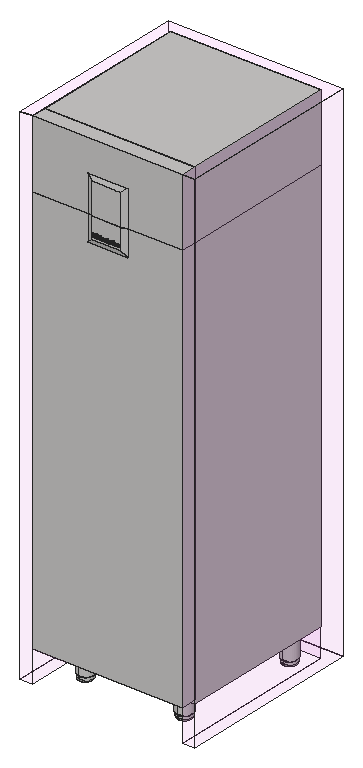
Revit family "QF_ELECTROLUXPROFESSIONAL_691353_PS04F1FLHC", category Specialty Equipment, Revit 2018
Family settings
  Round Connector Dimension = Use Diameter
  Part Type = Normal
  Work Plane-Based = No
  Always vertical = Yes
  Cut with Voids When Loaded = No
  Shared = No
  Room Calculation Point = No
Parameters (values of type "Standard")
  Weight = 21.3976 lbm
  Watts = 0 W
  Volts = 220 V
  URL Manufacturer = "http://professional.electrolux.com"
  URL = "http://professional.electrolux.com"
  Steam Supply Size = 0"
  Steam Supply Minimum Pressure = 0.00 psi
  Steam Supply Maximum Pressure = 0.00 psi
  Steam Pounds per Hour = 0
  Show Clearance [instance] = yes
  Refrigeration Suction Line Size = 0"
  Refrigeration Liquid Line Size = 0"
  Refrigerant Compressor Remote = yes
  Phase = 1
  Model = "PS04F1FLHC"
  Manufacturer = "Electrolux Professional"
  Length Actual = 600 mm  # constant formula
  Item Number = "691353"
  Hot Water Size = 0"
  Height Actual = 2040 mm  # constant formula
  HP = "0.5 HP"
  Gas Size = 0"
  Gas KW = 0
  Gas Input Pressure = 0.0 Btu/h
  Direct Waste Size = 0"
  Description = "1-DOOR FREEZER 470LT,-15/-22°,PROSTORE-R290-LEFT"
  Depth Actual = 700 mm  # constant formula
  Cycle = 50 Hz
  Condensate Return Size = 0"
  Compressed Air Volume = 0 GPM
  Compressed Air Size = 0"
  Compressed Air Pressure = 0.00 psi
  Cold Water Size = 0"
  Accessory = yes
Types (2, lengths in mm): name | URL | Phase | Model | Manufacturer | Description
  (no name) | "http://professional.electrolux.com/" | 0 | "RBC201" | "Electrolux" | "BLAST CHILLER 56 KG 20 GN1/1"
  Standard | "http://professional.electrolux.com" | 1 | "PS04F1FLHC" | "Electrolux Professional" | "1-DOOR FREEZER 470LT,-15/-22°,PROSTORE-R290-LEFT"
Values of the unnamed type that differ from the named types
  Volts = 380 V
  URL Manufacturer = "http://professional.electrolux.com/"
  Item Number = "726624"
Reference planes
  plane 1 "BACK": y = 0
  plane 2: z = 0
  plane 3 "LEFT": x = 0
  plane 4 "RIGHT": x = 600
  plane 5 "FRONT": y = -700
  plane 6 "TOP": z = 2040
  plane 7 "Center Y": x = 300
  plane 8 "Center X": y = -350
  plane 9: x = 102
  plane 10: x = 498
  plane 11: z = 115
  plane 12: z = 86
  plane 13: y = -80
  plane 14: y = -694
  plane 15: y = -1227
  plane 16: y = -630
  plane 17: z = 1770
  plane 18: x = -50
  plane 19: y = 50
  plane 20: x = 650
Forms (mm)
  Extrusion 1, solid, material "QF_Metal - Stainless - Polished"
    sketch origin (0, 0, 0) x (1, 0, 0) y (0, 0, 1)
      loop
        line (0, 2040) -> (0, 1770) -> (600, 1770) -> (600, 2040) -> (0, 2040)
    from 0 to 630
  Extrusion 2, solid, material "QF_Metal - Stainless - Polished"
    sketch origin (0, 0, 0) x (1, 0, 0) y (0, 0, 1)
      loop
        line (0, 1770) -> (0, 115) -> (600, 115) -> (600, 1770) -> (0, 1770)
    from 0 to 630
  Extrusion 3, solid, material "QF_Metal - Stainless - Polished"
    sketch origin (-370, 0, -128) x (1, 0, 0) y (0, 0, 1)
      loop
        circle (450, 1847.083) r 20
    from -7.507 to 0
  Extrusion 4, solid, material "QF_Metal - Stainless - Polished"
    sketch origin (0, 130.478, 0) x (1, 0, 0) y (0, 0, 1)
      loop
        line (0, 2040) -> (0, 1770) -> (600, 1770) -> (600, 2040) -> (0, 2040)
    from 760.478 to 824.478
  Extrusion 5, solid, material "QF_Metal - Stainless - Polished"
    sketch origin (0, 140, 0) x (1, 0, 0) y (0, 0, 1)
      loop
        line (0, 1770) -> (0, 127.536) -> (600, 127.536) -> (600, 1770) -> (0, 1770)
    from 834 to 770
  Revolve 6, solid, material "QF_Metal - Stainless - Polished"
    sketch origin (497.59, -2.833, 0) x (0, 1, 0) y (0, 0, -1)
      loop
        line (-590.954, -115) -> (-553.167, -115) -> (-553.167, 0) -> (-578.757, 0)
        arc (-578.757, 0) -> (-580.973, -2.655) -> (-581.767, -6.021) r 7.527
        line (-581.767, -6.021) -> (-581.767, -17.561) -> (-585.28, -21.074) -> (-585.28, -110.008) -> (-590.954, -110.008) -> (-590.954, -115)
      axis (-553.167, 0) -> (-553.167, -115)
    angle from 0 to 360
  Revolve 7, solid, material "QF_Metal - Stainless - Polished"
    sketch origin (102, -2.833, 0) x (0, 1, 0) y (0, 0, 1)
      loop
        line (-590.954, 115) -> (-590.954, 110.008) -> (-585.28, 110.008) -> (-585.28, 21.074) -> (-581.767, 17.561) -> (-581.767, 6.021)
        arc (-581.767, 6.021) -> (-580.973, 2.655) -> (-578.757, 0) r 7.527
        line (-578.757, 0) -> (-553.167, 0) -> (-553.167, 115) -> (-590.954, 115)
      axis (-553.167, 0) -> (-553.167, 115)
    angle from 0 to 360
  Revolve 8, solid, material "QF_Metal - Stainless - Polished"
    sketch origin (538, -759.167, 0) x (0, -1, 0) y (0, 0, 1)
      loop
        line (-716.954, 115) -> (-716.954, 110.008) -> (-711.28, 110.008) -> (-711.28, 21.074) -> (-707.767, 17.561) -> (-707.767, 6.021)
        arc (-707.767, 6.021) -> (-706.973, 2.655) -> (-704.757, 0) r 7.527
        line (-704.757, 0) -> (-679.167, 0) -> (-679.167, 115) -> (-716.954, 115)
      axis (-679.167, 0) -> (-679.167, 115)
    angle from 0 to 360
  Revolve 9, solid, material "QF_Metal - Stainless - Polished"
    sketch origin (62, -759.167, 0) x (0, -1, 0) y (0, 0, 1)
      loop
        line (-716.954, 115) -> (-716.954, 110.008) -> (-711.28, 110.008) -> (-711.28, 21.074) -> (-707.767, 17.561) -> (-707.767, 6.021)
        arc (-707.767, 6.021) -> (-706.973, 2.655) -> (-704.757, 0) r 7.527
        line (-704.757, 0) -> (-679.167, 0) -> (-679.167, 115) -> (-716.954, 115)
      axis (-679.167, 0) -> (-679.167, 115)
    angle from 0 to 360
  Blend 10, solid, material "QF_Metal - Stainless - Polished"
    base sketch origin (-150, -694, 0) x (1, 0, 0) y (0, 0, 1)
      loop
        line (370, 1914.822) -> (370, 1664.822) -> (530, 1664.822) -> (530, 1914.822) -> (370, 1914.822)
    top sketch origin (-150, -694, 0) x (1, 0, 0) y (0, 0, 1)
      loop
        line (510, 1894.822) -> (390, 1894.822) -> (390, 1684.822) -> (510, 1684.822) -> (510, 1894.822)
    from 0 to 6
  Extrusion 11, void
    sketch origin (-150, -700, 0) x (-1, 0, 0) y (0, 0, 1)
      loop
        line (-370, 1770.997) -> (-530, 1770.997) -> (-530, 1769.003) -> (-370, 1769.003) -> (-370, 1770.997)
    from 0 to 6
  Extrusion 12, solid, material "QF_Door-Drawer Clearances"
    sketch origin (0, 0, 0) x (1, 0, 0) y (0, 1, 0)
      loop
        line (0, -694) -> (0, 0) -> (600, 0) -> (600, -694) -> (650, -694) -> (650, 50) -> (-50, 50) -> (-50, -694) -> (0, -694)
    from 0 to 2040
  Extrusion 13, solid, material "QF_Door-Drawer Clearances", visible <- "Show Clearance", detail levels coarse
    sketch origin (600, 0, 0) x (-1, 0, 0) y (0, -1, 0)
      loop
        line (600, 694) -> (600, 1227)
        arc (600, 1227) -> (187.42, 1087.232) -> (0, 694) r 559.707
        line (0, 694) -> (600, 694)
    from 127.536 to 1770
Cuts and joins
  Extrusion 11 cuts Extrusion 1
  Extrusion 11 cuts Extrusion 2
  Extrusion 11 cuts Extrusion 4
  Extrusion 11 cuts Extrusion 5
  Extrusion 11 cuts Blend 10
Lines and regions (mm)
  Split face 1
    outline origin (-150, -700, 0) x (1, 0, 0) y (0, 0, 1)
      loop
        line (415, 1894.822) -> (415, 1742.499) -> (485, 1742.499) -> (485, 1894.822)
  symbolic lines
    curve 1: line (0, 0, 0) -> (600, 0, 0)
    curve 2: line (0, -694, 0) -> (0, 0, 0)
    curve 3: line (600, -694, 0) -> (0, -694, 0)
    curve 4: line (600, 0, 0) -> (600, -694, 0)
    curve 5: line (0, -630, 0) -> (600, -630, 0)
    curve 6: line (220, -694, 0) -> (240, -700, 0)
    curve 7: line (240, -700, 0) -> (360, -700, 0)
    curve 8: line (360, -700, 0) -> (380, -694, 0)
  symbolic lines, style "QF_Door-Drawer Clearances"
    curve 9: arc (600, -694, 0) -> (412.58, -1087.232, 0) -> (0, -1227, 0) r 559.707
    curve 10: line (0, -1227, 0) -> (0, -694, 0)
    curve 11: line (0, -694, 0) -> (-50, -694, 0)
    curve 12: line (-50, -694, 0) -> (-50, 50, 0)
    curve 13: line (-50, 50, 0) -> (650, 50, 0)
    curve 14: line (650, 50, 0) -> (650, -694, 0)
    curve 15: line (650, -694, 0) -> (600, -694, 0)
Dimensions and locks
  equal spacing: plane 3 "LEFT", plane 7 "Center Y", plane 4 "RIGHT"
  plane 3 "LEFT" to plane 4 "RIGHT" = 600 mm
  equal spacing: plane 5 "FRONT", plane 8 "Center X", plane 1 "BACK"
  plane 5 "FRONT" to plane 1 "BACK" = 700 mm
  plane 6 "TOP" to level = 2040 mm
  plane 9 to plane 3 "LEFT" = 102 mm
  plane 10 to plane 4 "RIGHT" = 102 mm
  plane 11 to level = 115 mm
  plane 12 to plane 11 = 29 mm
  plane 1 "BACK" to plane 13 = 80 mm
  plane 15 to plane 1 "BACK" = 1227 mm
  plane 11 to plane 2 = 115 mm
  plane 1 "BACK" to plane 16 = 630 mm
  plane 18 to plane 3 "LEFT" = 50 mm
  plane 4 "RIGHT" to plane 20 = 50 mm
  plane 1 "BACK" to plane 19 = 50 mm
  aligned and locked: level to plane 2
  aligned and locked: Extrusion 4 to plane 4 "RIGHT"
  aligned and locked: Extrusion 4 to plane 3 "LEFT"
  aligned and locked: plane 5 "FRONT" to Blend 10
Automatic sketch dimensions
  Extrusion 3 sketch curve to plane 9 = 22 mm
  Extrusion 3 sketch curve to plane 17 = 50.917 mm
  plane 11 to Revolve 6 sketch curve = 0 mm
  Revolve 6 sketch curve to level = 0 mm
  plane 16 to Revolve 6 sketch curve = 36.213 mm
  Revolve 6 sketch curve to Revolve 6 sketch curve = 5.674 mm
  Revolve 6 sketch curve to Revolve 6 sketch curve = 3.513 mm  (x2)
  Revolve 6 sketch curve to Revolve 6 sketch curve = 3.01 mm
  level to Revolve 6 sketch curve = 6.021 mm
  Revolve 6 sketch curve to Revolve 6 sketch curve = 21.073 mm
  Revolve 6 sketch curve to plane 11 = 4.992 mm  (x2)
  Revolve 6 sketch curve to Revolve 6 sketch curve = 15.053 mm
  Revolve 6 sketch curve to Revolve 6 sketch curve = 0 mm
  Revolve 6 sketch curve to Revolve 6 sketch curve = 20.008 mm
  Revolve 7 sketch curve to plane 11 = 0 mm
  Revolve 7 sketch curve to level = 0 mm
  plane 16 to Revolve 7 sketch curve = 36.213 mm
  Revolve 7 sketch curve to Revolve 7 sketch curve = 5.674 mm
  Revolve 7 sketch curve to Revolve 7 sketch curve = 3.513 mm  (x2)
  Revolve 7 sketch curve to Revolve 7 sketch curve = 3.01 mm
  level to Revolve 7 sketch curve = 6.021 mm
  Revolve 7 sketch curve to Revolve 7 sketch curve = 21.073 mm
  Revolve 7 sketch curve to Revolve 7 sketch curve = 11.54 mm
  Revolve 7 sketch curve to plane 11 = 4.992 mm
  Revolve 7 sketch curve to Revolve 7 sketch curve = 0 mm
  Revolve 7 sketch curve to Revolve 7 sketch curve = 4.992 mm
  plane 11 to Revolve 7 sketch curve = 20.008 mm
  Revolve 8 sketch curve to plane 11 = 0 mm
  Revolve 8 sketch curve to level = 0 mm
  Revolve 8 sketch curve to plane 13 = 0 mm  (x2)
  level to Revolve 8 sketch curve = 6.021 mm
  Revolve 8 sketch curve to plane 13 = 21.073 mm
  Revolve 8 sketch curve to Revolve 8 sketch curve = 4.517 mm
  Revolve 8 sketch curve to Revolve 8 sketch curve = 3.513 mm  (x2)
  Revolve 8 sketch curve to Revolve 8 sketch curve = 5.674 mm
  Revolve 8 sketch curve to Revolve 8 sketch curve = 11.54 mm
  Revolve 8 sketch curve to plane 11 = 4.992 mm  (x2)
  Revolve 8 sketch curve to Revolve 8 sketch curve = 20.008 mm
  Revolve 9 sketch curve to plane 11 = 0 mm
  Revolve 9 sketch curve to level = 0 mm
  Revolve 9 sketch curve to plane 13 = 0 mm  (x2)
  Revolve 9 sketch curve to level = 6.021 mm
  plane 13 to Revolve 9 sketch curve = 21.073 mm
  Revolve 9 sketch curve to Revolve 9 sketch curve = 4.517 mm
  Revolve 9 sketch curve to Revolve 9 sketch curve = 3.513 mm  (x2)
  Revolve 9 sketch curve to Revolve 9 sketch curve = 5.674 mm
  Revolve 9 sketch curve to Revolve 9 sketch curve = 11.54 mm
  plane 11 to Revolve 9 sketch curve = 4.992 mm  (x2)
  Revolve 9 sketch curve to Revolve 9 sketch curve = 20.008 mm
  Extrusion 1 sketch curve to plane 3 "LEFT" = 0 mm
  plane 4 "RIGHT" to Extrusion 1 sketch curve = 0 mm
  Extrusion 1 sketch curve to plane 17 = 0 mm
  Extrusion 1 sketch curve to plane 6 "TOP" = 0 mm
  Extrusion 2 sketch curve to plane 3 "LEFT" = 0 mm
  plane 4 "RIGHT" to Extrusion 2 sketch curve = 0 mm
  Extrusion 2 sketch curve to plane 11 = 0 mm
  Extrusion 2 sketch curve to plane 17 = 0 mm
  Extrusion 4 sketch curve to plane 3 "LEFT" = 0 mm
  plane 4 "RIGHT" to Extrusion 4 sketch curve = 0 mm
  Extrusion 4 sketch curve to plane 17 = 0 mm
  Extrusion 4 sketch curve to plane 6 "TOP" = 0 mm
  Extrusion 5 sketch curve to plane 3 "LEFT" = 0 mm
  plane 4 "RIGHT" to Extrusion 5 sketch curve = 0 mm
  Extrusion 5 sketch curve to plane 17 = 0 mm
  plane 11 to Extrusion 5 sketch curve = 12.536 mm
  Blend 10 sketch curve to Extrusion 5 = 105.178 mm
  Blend 10 sketch curve to Extrusion 5 = 220 mm
  Blend 10 sketch curve to Blend 10 sketch curve = 160 mm
  Extrusion 5 to Blend 10 sketch curve = 144.822 mm
  Blend 10 sketch curve to Extrusion 5 = 240 mm
  Blend 10 sketch curve to Blend 10 sketch curve = 120 mm
  Blend 10 sketch curve to Extrusion 5 = 85.178 mm
  Extrusion 5 to Blend 10 sketch curve = 124.822 mm
  Split face 1 sketch curve to Blend 10 = 0 mm  (x2)
  Split face 1 sketch curve to Blend 10 = 25 mm  (x2)
  Split face 1 sketch curve to Blend 10 = 57.677 mm
  Extrusion 11 sketch curve to Blend 10 = 20 mm  (x2)
  Blend 10 to Extrusion 11 sketch curve = 84.181 mm
  Extrusion 11 sketch curve to Extrusion 11 sketch curve = 1.995 mm
  plane 14 to Extrusion 12 sketch curve = 0 mm  (x2)
  Extrusion 12 sketch curve to plane 18 = 0 mm
  Extrusion 12 sketch curve to plane 3 "LEFT" = 0 mm
  Extrusion 12 sketch curve to plane 4 "RIGHT" = 0 mm
  Extrusion 12 sketch curve to plane 19 = 0 mm
  Extrusion 12 sketch curve to plane 20 = 0 mm
  plane 1 "BACK" to Extrusion 12 sketch curve = 0 mm
  Extrusion 13 sketch curve to plane 4 "RIGHT" = 0 mm
  Extrusion 13 sketch curve to plane 3 "LEFT" = 0 mm
  plane 14 to Extrusion 13 sketch curve = 0 mm
  Extrusion 13 sketch curve to plane 15 = 0 mm
  Extrusion 13 sketch curve to plane 14 = 25.214 mm
  curve 13 to plane 18 = 0 mm
  curve 3 to plane 3 "LEFT" = 0 mm
  plane 14 to curve 6 = 0 mm
  plane 5 "FRONT" to curve 7 = 0 mm
  curve 15 to plane 4 "RIGHT" = 0 mm
  curve 14 to plane 20 = 0 mm
  curve 10 to plane 15 = 0 mm
  curve 5 to plane 16 = 0 mm
  plane 1 "BACK" to curve 4 = 0 mm
  curve 13 to plane 19 = 0 mm
  curve 9 to plane 14 = 25.214 mm
  curve 7 to plane 7 "Center Y" = 60 mm
  plane 7 "Center Y" to curve 8 = 60 mm
  curve 6 to curve 6 = 20 mm
  curve 7 to curve 8 = 20 mm
  radius of Extrusion 3 sketch curve = 20 mm
Nested families
  nested 1: "ELX_Logo_S" at (300.625, -700, 1704.375) x (1, 0, 0) z (0, -1, 0), type "ELX_Logo_S"
Connectors
  electrical at (80, 7.507, 1719.083), driven by "Volts"
    settings: on Extrusion 3, index 2, voltage 220 V, apparent load 0 VA, apparent load phase1 0 VA, apparent load phase2 0 VA, apparent load phase3 0 VA, power factor 1, load classification "Other", number of poles 1, system type 30, power factor state 1, is connector primary yes, connector utility no, sub classification motor no, connector description "Electrical Connection"
Definition of nested family "ELX_Logo_S"
  Parameters (values of type "ELX_Logo_S")
    Default Elevation = 0 mm
  Reference planes
    plane 1 "Centro (Fronte/Retro)": y = 0
    plane 2: z = 0
    plane 3 "Centro (Sinistra/Destra)": x = 0
  Forms (mm)
    Extrusion 1, solid
      sketch origin (0, 0, 0) x (1, 0, 0) y (0, 1, 0)
        loop
          line (-1219.2, 1219.2) -> (-1219.2, -1219.2) -> (1219.2, -1219.2) -> (1219.2, 1219.2) -> (-1219.2, 1219.2)
      from 0 to -304.8
    Extrusion 2, solid
      sketch origin (0, 0, 0) x (1, 0, 0) y (0, 1, 0)
        loop
          line (-43.793, 5.912) -> (-43.793, -6.455)
          arc (-43.793, -6.455) -> (-39.222, -0.272) -> (-43.793, 5.912) r 6.467
        loop
          arc (-44.422, 5.912) -> (-49.565, 4.743) -> (-52.043, 0.087) r 6.338
          line (-52.043, 0.087) -> (-49.997, 0.087)
          arc (-49.997, 0.087) -> (-46.342, 1.57) -> (-44.422, 5.016) r 5.941
          line (-44.422, 5.016) -> (-44.422, 5.912)
        loop
          arc (-44.422, -5.559) -> (-46.342, -2.114) -> (-49.997, -0.63) r 5.941
          line (-49.997, -0.63) -> (-52.043, -0.63)
          arc (-52.043, -0.63) -> (-49.569, -5.324) -> (-44.422, -6.614) r 6.504
          line (-44.422, -6.614) -> (-44.422, -5.559)
        loop
          line (-52.512, 6.586) -> (-52.512, -7.158) -> (-38.749, -7.158) -> (-38.749, 6.586) -> (-52.512, 6.586)
        loop
          arc (-35.782, 6.67) -> (-36.139, 6.322) -> (-35.801, 5.955) r 0.358
          arc (-35.801, 5.955) -> (-35.051, 5.641) -> (-34.666, 4.924) r 1.216
          line (-34.666, 4.924) -> (-34.666, -5.488)
          arc (-34.666, -5.488) -> (-34.944, -6.148) -> (-35.54, -6.544) r 1.238
          arc (-35.54, -6.544) -> (-35.791, -6.939) -> (-35.437, -7.244) r 0.358
          line (-35.437, -7.244) -> (-25.558, -7.244) -> (-25.558, -4.494) -> (-26.455, -4.494)
          arc (-26.455, -4.494) -> (-27.035, -5.403) -> (-28.012, -5.858) r 1.928
          line (-28.012, -5.858) -> (-30.511, -5.858)
          arc (-30.511, -5.858) -> (-31.24, -5.583) -> (-31.604, -4.894) r 1.101
          line (-31.604, -4.894) -> (-31.604, -0.808) -> (-27.931, -0.808)
          arc (-27.931, -0.808) -> (-27.434, -1.16) -> (-27.206, -1.725) r 1.083
          arc (-27.206, -1.725) -> (-26.9, -1.989) -> (-26.622, -1.697) r 0.292
          line (-26.622, -1.697) -> (-26.622, 1.265)
          arc (-26.622, 1.265) -> (-26.895, 1.568) -> (-27.225, 1.329) r 0.305
          arc (-27.225, 1.329) -> (-27.473, 0.839) -> (-27.931, 0.534) r 1.083
          line (-27.931, 0.534) -> (-31.604, 0.534) -> (-31.604, 5.211) -> (-27.857, 5.211)
          arc (-27.857, 5.211) -> (-27.101, 4.997) -> (-26.603, 4.39) r 1.314
          arc (-26.603, 4.39) -> (-26.199, 4.171) -> (-25.907, 4.526) r 0.361
          line (-25.907, 4.526) -> (-25.907, 6.67) -> (-35.782, 6.67)
        loop
          arc (-25.126, 5.953) -> (-24.207, 5.572) -> (-23.827, 4.654) r 1.299
          line (-23.827, 4.654) -> (-23.827, -4.925)
          arc (-23.827, -4.925) -> (-24.205, -5.763) -> (-25.083, -6.035) r 1.118
          line (-25.083, -6.035) -> (-25.083, -7.244) -> (-19.733, -7.244) -> (-19.733, -6.056)
          arc (-19.733, -6.056) -> (-20.65, -5.784) -> (-21.046, -4.914) r 1.153
          line (-21.046, -4.914) -> (-21.046, 7.158) -> (-25.126, 5.953)
        loop
          line (-17.097, -2.28) -> (-10.65, -2.28) -> (-10.65, -1.481)
          arc (-10.65, -1.481) -> (-11.634, 1.1) -> (-14.088, 2.369) r 3.874
          line (-14.088, 2.369) -> (-15.848, 2.369)
          arc (-15.848, 2.369) -> (-18.713, 1.182) -> (-19.899, -1.682) r 4.051
          line (-19.899, -1.682) -> (-19.899, -3.691)
          arc (-19.899, -3.691) -> (-18.414, -6.509) -> (-15.407, -7.561) r 4.352
          arc (-15.407, -7.561) -> (-12.944, -7.196) -> (-10.87, -5.819) r 5.713
          line (-10.87, -5.819) -> (-10.87, -4.87)
          arc (-10.87, -4.87) -> (-12.439, -5.603) -> (-14.157, -5.819) r 5.579
          arc (-14.157, -5.819) -> (-16.12, -5.025) -> (-17.097, -3.146) r 3.057
          line (-17.097, -3.146) -> (-17.097, -2.28)
        loop
          line (-17.097, -1.02) -> (-13.515, -1.02)
          arc (-13.515, -1.02) -> (-13.468, 0.436) -> (-14.627, 1.319) r 1.59
          line (-14.627, 1.319) -> (-15.457, 1.319)
          arc (-15.457, 1.319) -> (-16.712, 0.455) -> (-17.097, -1.02) r 2.184
        loop
          arc (-1.232, 1.771) -> (-2.906, 2.259) -> (-4.643, 2.417) r 9.023
          line (-4.643, 2.417) -> (-6.005, 2.417)
          arc (-6.005, 2.417) -> (-8.805, 1.257) -> (-9.965, -1.542) r 3.959
          line (-9.965, -1.542) -> (-9.965, -4.142)
          arc (-9.965, -4.142) -> (-8.672, -6.424) -> (-6.299, -7.541) r 4.331
          line (-6.299, -7.541) -> (-4.164, -7.541)
          arc (-4.164, -7.541) -> (-2.614, -7.033) -> (-1.268, -6.112) r 5.772
          arc (-1.268, -6.112) -> (-1.217, -5.35) -> (-1.976, -5.263) r 0.553
          arc (-1.976, -5.263) -> (-2.71, -5.651) -> (-3.529, -5.785) r 2.573
          line (-3.529, -5.785) -> (-5.044, -5.785)
          arc (-5.044, -5.785) -> (-6.686, -4.779) -> (-7.328, -2.965) r 2.884
          line (-7.328, -2.965) -> (-7.328, -1.686)
          arc (-7.328, -1.686) -> (-6.768, 0.135) -> (-5.103, 1.062) r 2.554
          line (-5.103, 1.062) -> (-4.05, 1.062)
          arc (-4.05, 1.062) -> (-3.122, 0.73) -> (-2.387, 0.073) r 2.564
          arc (-2.387, 0.073) -> (-1.67, -0.148) -> (-1.232, 0.461) r 0.643
          line (-1.232, 0.461) -> (-1.232, 1.771)
        loop
          line (-0.962, 0.752) -> (0.539, 0.752) -> (0.539, -5.296)
          arc (0.539, -5.296) -> (1.197, -6.884) -> (2.785, -7.541) r 2.246
          line (2.785, -7.541) -> (4.369, -7.541)
          arc (4.369, -7.541) -> (5.233, -7.228) -> (6.005, -6.727) r 4.06
          arc (6.005, -6.727) -> (6.138, -5.995) -> (5.437, -5.743) r 0.576
          arc (5.437, -5.743) -> (4.911, -5.849) -> (4.379, -5.785) r 1.69
          arc (4.379, -5.785) -> (3.591, -5.244) -> (3.288, -4.337) r 1.506
          line (3.288, -4.337) -> (3.288, 0.801) -> (5.685, 0.801) -> (6.241, 1.357) -> (6.241, 2.179) -> (3.382, 2.179) -> (3.382, 5.41) -> (-0.962, 0.752)
        loop
          line (7.139, -7.324) -> (12.526, -7.324) -> (12.526, -6.214)
          arc (12.526, -6.214) -> (11.575, -5.82) -> (11.181, -4.869) r 1.345
          line (11.181, -4.869) -> (11.181, -1.253)
          arc (11.181, -1.253) -> (11.773, -0.488) -> (12.695, -0.199) r 1.615
          line (12.695, -0.199) -> (14.251, -0.199) -> (14.936, 2.357) -> (13.553, 2.357) -> (10.994, 0.414) -> (10.994, 2.295) -> (8.288, 2.01)
          arc (8.288, 2.01) -> (7.758, 1.571) -> (7.959, 0.912) r 0.621
          arc (7.959, 0.912) -> (8.301, 0.512) -> (8.484, 0.018) r 1.501
          line (8.484, 0.018) -> (8.484, -4.869)
          arc (8.484, -4.869) -> (8.09, -5.82) -> (7.139, -6.214) r 1.345
          line (7.139, -6.214) -> (7.139, -7.324)
        loop
          line (14.473, -1.222) -> (14.473, -3.914)
          arc (14.473, -3.914) -> (15.781, -6.36) -> (18.311, -7.494) r 4.288
          arc (18.311, -7.494) -> (19.692, -7.557) -> (21.072, -7.494) r 15.022
          arc (21.072, -7.494) -> (23.603, -6.36) -> (24.91, -3.914) r 4.288
          line (24.91, -3.914) -> (24.91, -1.222)
          arc (24.91, -1.222) -> (23.603, 1.223) -> (21.072, 2.357) r 4.288
          arc (21.072, 2.357) -> (19.692, 2.421) -> (18.311, 2.357) r 15.022
          arc (18.311, 2.357) -> (15.781, 1.223) -> (14.473, -1.222) r 4.288
        loop
          line (17.587, -1.017) -> (17.587, -4.119)
          arc (17.587, -4.119) -> (19.744, -6.276) -> (21.901, -4.119) r 2.157
          line (21.901, -4.119) -> (21.901, -1.017)
          arc (21.901, -1.017) -> (19.744, 1.14) -> (17.587, -1.017) r 2.157
        loop
          arc (24.768, 5.964) -> (25.662, 5.593) -> (26.033, 4.699) r 1.264
          line (26.033, 4.699) -> (26.033, -5.165)
          arc (26.033, -5.165) -> (25.636, -6.035) -> (24.72, -6.307) r 1.153
          line (24.72, -6.307) -> (24.72, -7.244) -> (29.828, -7.244) -> (29.828, -6.316)
          arc (29.828, -6.316) -> (29.056, -5.957) -> (28.741, -5.165) r 1.153
          line (28.741, -5.165) -> (28.741, 7.158) -> (24.768, 5.964)
        loop
          arc (29.365, 1.084) -> (30.43, 0.885) -> (30.912, -0.085) r 1.215
          line (30.912, -0.085) -> (30.912, -5.105)
          arc (30.912, -5.105) -> (31.559, -6.719) -> (33.142, -7.44) r 2.338
          line (33.142, -7.44) -> (34.657, -7.44)
          arc (34.657, -7.44) -> (35.661, -7.266) -> (36.547, -6.763) r 2.979
          line (36.547, -6.763) -> (38.344, -7.244) -> (40.032, -7.244) -> (40.032, 2.181) -> (35.829, 1.887) -> (35.829, 1.101)
          arc (35.829, 1.101) -> (36.665, 0.745) -> (37.174, -0.007) r 1.605
          line (37.174, -0.007) -> (37.174, -5.11)
          arc (37.174, -5.11) -> (36.237, -5.531) -> (35.213, -5.603) r 2.94
          arc (35.213, -5.603) -> (34.112, -5.042) -> (33.669, -3.889) r 1.724
          line (33.669, -3.889) -> (33.669, 2.307) -> (29.365, 1.084)
        loop
          line (40.886, 2.112) -> (42.932, 0.44) -> (45.238, -2.734) -> (42.126, -6.191)
          arc (42.126, -6.191) -> (41.732, -6.428) -> (41.273, -6.405) r 0.789
          line (41.273, -6.405) -> (41.273, -7.244) -> (44.818, -7.244) -> (44.818, -6.418)
          arc (44.818, -6.418) -> (44.456, -6.076) -> (44.548, -5.586) r 0.52
          line (44.548, -5.586) -> (46.019, -3.786) -> (47.394, -5.904)
          arc (47.394, -5.904) -> (47.084, -6.305) -> (46.585, -6.392) r 0.7
          line (46.585, -6.392) -> (46.585, -7.244) -> (52.512, -7.244) -> (52.512, -6.358)
          arc (52.512, -6.358) -> (51.853, -6.291) -> (51.322, -5.896) r 1.247
          line (51.322, -5.896) -> (48.041, -1.696) -> (50.094, 0.751) -> (51.836, 2.112) -> (48.112, 2.112) -> (48.535, 0.627) -> (47.258, -0.895) -> (46.068, 0.806) -> (46.844, 2.112) -> (40.886, 2.112)
      from 0 to 1.644
  Dimensions and locks
    aligned and locked: plane 2 to Extrusion 1
    aligned and locked: level to Extrusion 1
